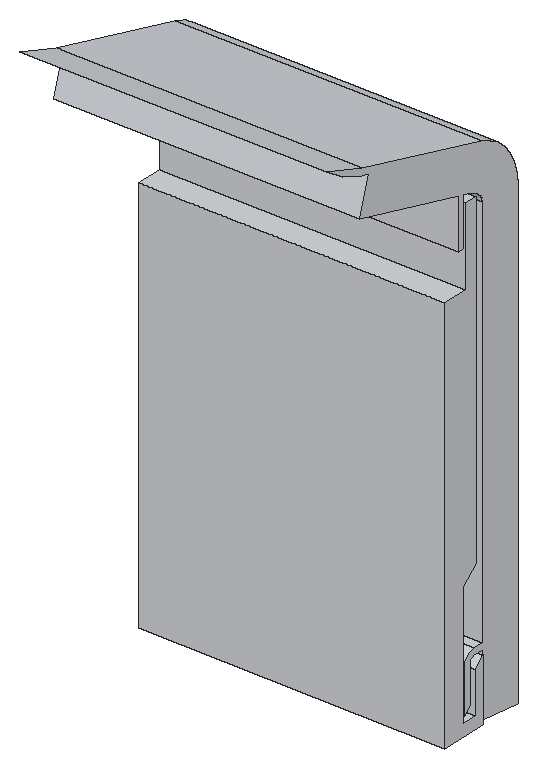
Revit family "HansWeitzel_2038", category Allgemeines Modell, Revit 2017
Family settings
  Basisbauteil = Wand
  Kann Basisbauteil für Bewehrung sein = Nein
  Bemaßung runder Anschluss = Durchmesser verwenden
  Teiletyp = Normal
  Immer vertikal = Ja
  Beim Laden mit Abzugskörper schneiden = Nein
  Gemeinsam genutzt = Nein
  Raumberechnungspunkt = Nein
Parameters (values of type "Type 1")
  max. Betriebstemperatur (°C) = 90
  Werkstoff = "Acryl"
  Wandmontage möglich = yes
  Typname = "HZ-Stoßverbinder SLF Buche dunkel"
  Tiefe (mm) = 30
  Profilart = "Anschlussprofi"
  Menge pro Verpackungseinheit = 10
  Length3 = 50 mm
  Length2 = 50 mm
  Length1 = 50 mm
  Ist Zubehör = no
  Ist System = no
  Höhe [mm] = 97
  Hersteller = "Hans Weitzel GmbH & Co. KG"
  HeinzeBIM = "https://www.heinze.de/bim/hz-stossverbinder-slf-buche-dunkel/413a913b2037ab60e957ac03be6171f74f8c57b7"
  HAN = "2038"
  Gewicht unverpackt (netto) [kg] = 0.008
  GTIN = "4022023220018"
  Farbton = "Holzart/Holzdekor"
  Dekor = "Buche dunkel"
  Breite [mm] = 45
  Beschreibung = "HZ-Stoßverbinder SLF Buche dunkel für HZ-Sockelleiste SLF nur mit SCH2158"
  BIMSITE_PRODUCT_ID = "413a913b2037ab60e957ac03be6171f74f8c57b7"
  BIM = "https://media.live.bim.site/t/eyJhbGciOiJIUzI1NiIsInR5cCI6IkpXVCJ9.eyJjdCI6MSwidGYiOiJwdWJsaWMvaGFucy13ZWl0emVsLWdtYmgtY28ta2cvMjI1MGEyZS9IWl9TTEZfU3Rvc3N2ZXJiaW5kZXIucmZhIiwiY2lkIjoiZmVkOThlOWEtMWJkOC00YzY4LWE3M2ItNzRhOTRlMzE1ODIzIiwicmlkIjoiNWJhNGQ1ZTNkMDkwNWRjOWY1MGI1N2M0NTg3OGFlYzUiLCJwaWQiOiI0MTNhOTEzYjIwMzdhYjYwZTk1N2FjMDNiZTYxNzFmNzRmOGM1N2I3Iiwic2lkIjoiNjM1NTgiLCJ1dCI6NSwibGMiOiJkZSIsImlhdCI6MTU4MDEyMjc4NCwiaXNzIjoiaHR0cHM6Ly9hcGkubGl2ZS5iaW0uc2l0ZSIsInN1YiI6ImY1ODZjNGI2LWE1MDgtNDI3YS05ODE4LTEzMTc5NjY1NzZiYyJ9.x5RarMUikGoMKcNB9pf6pFBoAYNQBQW4gbJQkijH894/HZ_SLF_Stossverbinder.rfa"
Reference planes
  plane 1 "Wall": y = 0
  plane 2 "Center (Left/Right)": x = 125
  plane 3 "Back": y = 75
Text (mm)
  text "Placement side" at (0, 1409.804, 2854.306), in view "Left"
  text "Placement side" at (0, 499.811, 2980.732), in view "Right"
Dimensions and locks
  locked: plane 3 "Back" to host wall
  aligned and locked: plane 1 "Wall" to host wall
  aligned and locked: nested 1 to plane 3 "Back"
  aligned and locked: nested 2 to plane 3 "Back"
  aligned and locked: nested 2 to plane 2 "Center (Left/Right)"
  aligned and locked: nested 1 to plane 2 "Center (Left/Right)"
Nested families
  nested 1: "HZ_SLF_Part2" at (125, 75, 0) x (-1, 0, 0) z (0, 0, 1), type "HZ_SLF_Part2"
    with Length2 50 mm
  nested 2: "HZ_SLF_Profil" at (125, 75, 0) x (-1, 0, 0) z (0, 0, 1), type "HZ_SLF_Profil"
Definition of nested family "HZ_SLF_Part2"
  Parameters
    Length2 = 400 mm
  Reference planes
    plane 1 "Center (Front/Back)": y = 0
    plane 2: z = 0
    plane 3 "Center (Left/Right)": x = 0
    plane 4: z = 78
  Forms (mm)
    Extrusion 1, solid, detail levels fine
      sketch origin (0, 0, 0) x (0, 1, 0) y (0, 0, 1)
        loop
          line (-28, 65.25) -> (-28, 78) -> (-30, 78) -> (-30, 24.25) -> (-27.5, 22) -> (-27.5, 2) -> (-30, 2) -> (-30, 8.75) -> (-31.5, 10.25) -> (-31.5, 0) -> (-23.75, 0) -> (-23.75, 65.25) -> (-28, 65.25)
      from -200 to 200
    Extrusion 2, solid, detail levels medium
      sketch origin (0, 0, 0) x (0, 1, 0) y (0, 0, 1)
        loop
          line (-28, 65.25) -> (-28, 78) -> (-30, 78) -> (-30, 22) -> (-27.5, 22) -> (-27.5, 2) -> (-30, 2) -> (-30, 8.75) -> (-31.5, 8.75) -> (-31.5, 0) -> (-23.75, 0) -> (-23.75, 65.25) -> (-28, 65.25)
      from -200 to 200
    Extrusion 3, solid, detail levels coarse
      sketch origin (0, 0, 0) x (0, 1, 0) y (0, 0, 1)
        loop
          line (-31.5, 78) -> (-31.5, 0) -> (-23.75, 0) -> (-23.75, 78) -> (-31.5, 78)
      from -200 to 200
  Dimensions and locks
    equal spacing: Extrusion 1, plane 3 "Center (Left/Right)", Extrusion 1
    "Length2": Extrusion 1 to Extrusion 1
    aligned and locked: level to plane 2
    aligned and locked: Extrusion 3 to Extrusion 1  (x2)
    aligned and locked: Extrusion 2 to Extrusion 3  (x2)
  Automatic sketch dimensions
    Extrusion 1 sketch curve to level = 0 mm
    level to Extrusion 1 sketch curve = 10.25 mm
    plane 1 "Center (Front/Back)" to Extrusion 1 sketch curve = 31.5 mm
    Extrusion 1 sketch curve to Extrusion 1 sketch curve = 1.5 mm  (x2)
    level to Extrusion 1 sketch curve = 8.75 mm
    Extrusion 1 sketch curve to Extrusion 1 sketch curve = 2 mm
    Extrusion 1 sketch curve to Extrusion 1 sketch curve = 2.5 mm
    Extrusion 1 sketch curve to Extrusion 1 sketch curve = 4.25 mm
    level to Extrusion 1 sketch curve = 2 mm
    Extrusion 1 sketch curve to Extrusion 1 sketch curve = 11.75 mm
    Extrusion 1 sketch curve to Extrusion 1 sketch curve = 2.25 mm
    Extrusion 1 sketch curve to Extrusion 1 sketch curve = 41 mm
    Extrusion 1 sketch curve to Extrusion 1 sketch curve = 12.75 mm
    Extrusion 2 sketch curve to level = 0 mm
    plane 1 "Center (Front/Back)" to Extrusion 2 sketch curve = 31.5 mm
    Extrusion 2 sketch curve to Extrusion 2 sketch curve = 1.5 mm
    Extrusion 2 sketch curve to Extrusion 2 sketch curve = 2 mm
    Extrusion 2 sketch curve to Extrusion 2 sketch curve = 4.25 mm
    level to Extrusion 2 sketch curve = 2 mm
    Extrusion 2 sketch curve to Extrusion 2 sketch curve = 12.75 mm
    Extrusion 2 sketch curve to Extrusion 2 sketch curve = 2.5 mm
    Extrusion 2 sketch curve to Extrusion 2 sketch curve = 43.25 mm
    Extrusion 2 sketch curve to Extrusion 2 sketch curve = 0 mm
    Extrusion 2 sketch curve to Extrusion 2 sketch curve = 6.75 mm
    Extrusion 2 sketch curve to Extrusion 2 sketch curve = 13.25 mm
    Extrusion 3 sketch curve to level = 0 mm
    Extrusion 3 sketch curve to Extrusion 3 sketch curve = 7.75 mm
    plane 1 "Center (Front/Back)" to Extrusion 3 sketch curve = 31.5 mm
    level to Extrusion 3 sketch curve = 78 mm
Definition of nested family "HZ_SLF_Profil"
  Parameters
    Length3 = 50 mm
  Reference planes
    plane 1 "Center (Front/Back)": y = 0
    plane 2: z = 0
    plane 3 "Center (Left/Right)": x = 0
    plane 4: z = 95
  Forms (mm)
    Extrusion 1, solid, detail levels fine
      sketch origin (0, 0, 0) x (0, 1, 0) y (0, 0, 1)
        loop
          line (-38.561, 76.002) -> (-38.561, 0) -> (-31.5, 0.791) -> (-31.5, 11) -> (-29.75, 11)
          arc (-29.75, 11) -> (-29.043, 10.707) -> (-28.75, 10) r 1
          line (-28.75, 10) -> (-28.75, 4) -> (-27.75, 3) -> (-27.75, 10)
          arc (-27.75, 10) -> (-28.336, 11.414) -> (-29.75, 12) r 2
          line (-29.75, 12) -> (-31.5, 12) -> (-31.5, 76.545)
          arc (-31.5, 76.545) -> (-30.751, 77.994) -> (-29.355, 78.837) r 3
          line (-29.355, 78.837) -> (-27.5, 79.347) -> (-27.5, 71.5) -> (-26.5, 71.5) -> (-26.5, 79.621) -> (-6.471, 85.123) -> (-8.262, 90.853) -> (-6.8, 91.255)
          arc (-6.8, 91.255) -> (-2.978, 92.748) -> (0.452, 95) r 19.703
          arc (0.452, 95) -> (-3.246, 93.447) -> (-7.065, 92.219) r 46.507
          line (-7.065, 92.219) -> (-31.209, 85.587)
          arc (-31.209, 85.587) -> (-36.496, 82.03) -> (-38.561, 76.002) r 10
      from -25 to 25
    Extrusion 2, solid, detail levels medium
      sketch origin (0, 0, 0) x (0, 1, 0) y (0, 0, 1)
        loop
          line (-7.065, 92.219) -> (-31.209, 85.587)
          arc (-31.209, 85.587) -> (-36.496, 82.03) -> (-38.561, 76.002) r 10
          line (-38.561, 76.002) -> (-38.561, 0) -> (-31.5, 0.791) -> (-31.5, 11) -> (-28.75, 11) -> (-28.75, 3) -> (-27.75, 3) -> (-27.75, 12) -> (-31.5, 12) -> (-31.5, 76.545)
          arc (-31.5, 76.545) -> (-30.751, 77.994) -> (-29.355, 78.837) r 3
          line (-29.355, 78.837) -> (-27.5, 79.347) -> (-27.5, 71.5) -> (-26.5, 71.5) -> (-26.5, 79.621) -> (-6.471, 85.123) -> (0.452, 95)
          arc (0.452, 95) -> (-3.246, 93.447) -> (-7.065, 92.219) r 46.507
      from -25 to 25
    Extrusion 3, solid, detail levels coarse
      sketch origin (0, 0, 0) x (0, 1, 0) y (0, 0, 1)
        loop
          line (-38.561, 0) -> (0.452, 0) -> (0.452, 95) -> (-38.561, 95) -> (-38.561, 0)
      from -25 to 25
  Dimensions and locks
    equal spacing: Extrusion 3, plane 3 "Center (Left/Right)", Extrusion 3
    "Length3": Extrusion 3 to Extrusion 3
    aligned and locked: level to plane 2
    aligned and locked: Extrusion 1 to Extrusion 3
    aligned and locked: Extrusion 2 to Extrusion 3
    aligned and locked: Extrusion 3 to Extrusion 1
    aligned and locked: Extrusion 3 to Extrusion 2
  Automatic sketch dimensions
    plane 1 "Center (Front/Back)" to Extrusion 3 sketch curve = 38.561 mm
    Extrusion 3 sketch curve to plane 1 "Center (Front/Back)" = 0.452 mm
    Extrusion 3 sketch curve to level = 0 mm
    level to Extrusion 3 sketch curve = 95 mm
    Extrusion 2 sketch curve to Extrusion 2 sketch curve = 0 mm  (x2)
    Extrusion 2 sketch curve to level = 0 mm
    Extrusion 2 sketch curve to plane 4 = 0 mm
    plane 1 "Center (Front/Back)" to Extrusion 2 sketch curve = 38.561 mm
    level to Extrusion 2 sketch curve = 0.791 mm
    Extrusion 2 sketch curve to Extrusion 2 sketch curve = 7.061 mm  (x2)
    Extrusion 2 sketch curve to plane 4 = 9.413 mm
    Extrusion 2 sketch curve to Extrusion 2 sketch curve = 0.291 mm
    Extrusion 2 sketch curve to plane 4 = 16.163 mm
    Extrusion 2 sketch curve to Extrusion 2 sketch curve = 2.145 mm
    Extrusion 2 sketch curve to Extrusion 2 sketch curve = 2.75 mm
    Extrusion 2 sketch curve to Extrusion 2 sketch curve = 2.939 mm
    Extrusion 2 sketch curve to Extrusion 2 sketch curve = 1 mm  (x3)
    Extrusion 2 sketch curve to Extrusion 2 sketch curve = 1.061 mm
    plane 1 "Center (Front/Back)" to Extrusion 2 sketch curve = 19.383 mm
    plane 1 "Center (Front/Back)" to Extrusion 2 sketch curve = 7.065 mm
    plane 1 "Center (Front/Back)" to Extrusion 2 sketch curve = 6.471 mm
    level to Extrusion 2 sketch curve = 3 mm
    Extrusion 2 sketch curve to Extrusion 2 sketch curve = 8 mm
    Extrusion 2 sketch curve to Extrusion 2 sketch curve = 7.337 mm
    Extrusion 2 sketch curve to Extrusion 2 sketch curve = 2.893 mm
    Extrusion 2 sketch curve to Extrusion 2 sketch curve = 0.51 mm
    Extrusion 2 sketch curve to Extrusion 2 sketch curve = 0.275 mm
    Extrusion 2 sketch curve to plane 4 = 9.877 mm
    Extrusion 2 sketch curve to plane 4 = 2.781 mm
    plane 4 to Extrusion 2 sketch curve = 42.065 mm
    Extrusion 1 sketch curve to Extrusion 1 sketch curve = 0 mm  (x5)
    Extrusion 1 sketch curve to level = 0 mm
    Extrusion 1 sketch curve to plane 4 = 0 mm
    plane 1 "Center (Front/Back)" to Extrusion 1 sketch curve = 38.561 mm
    level to Extrusion 1 sketch curve = 0.791 mm
    Extrusion 1 sketch curve to Extrusion 1 sketch curve = 7.061 mm
    Extrusion 1 sketch curve to plane 4 = 9.413 mm
    Extrusion 1 sketch curve to Extrusion 1 sketch curve = 0.291 mm
    Extrusion 1 sketch curve to Extrusion 1 sketch curve = 1.75 mm
    Extrusion 1 sketch curve to plane 4 = 16.163 mm
    Extrusion 1 sketch curve to Extrusion 1 sketch curve = 2.145 mm
    level to Extrusion 1 sketch curve = 4 mm
    Extrusion 1 sketch curve to Extrusion 1 sketch curve = 2.75 mm
    Extrusion 1 sketch curve to Extrusion 1 sketch curve = 2.939 mm
    Extrusion 1 sketch curve to Extrusion 1 sketch curve = 1 mm  (x3)
    Extrusion 1 sketch curve to Extrusion 1 sketch curve = 1.855 mm
    plane 1 "Center (Front/Back)" to Extrusion 1 sketch curve = 19.383 mm
    plane 1 "Center (Front/Back)" to Extrusion 1 sketch curve = 12.019 mm
    plane 1 "Center (Front/Back)" to Extrusion 1 sketch curve = 8.262 mm
    Extrusion 1 sketch curve to Extrusion 1 sketch curve = 1.197 mm
    Extrusion 1 sketch curve to Extrusion 1 sketch curve = 1.791 mm
    Extrusion 1 sketch curve to Extrusion 1 sketch curve = 6 mm
    Extrusion 1 sketch curve to Extrusion 1 sketch curve = 7.337 mm
    Extrusion 1 sketch curve to Extrusion 1 sketch curve = 2.893 mm
    Extrusion 1 sketch curve to Extrusion 1 sketch curve = 0.51 mm
    Extrusion 1 sketch curve to Extrusion 1 sketch curve = 0.275 mm
    Extrusion 1 sketch curve to plane 4 = 9.877 mm
    Extrusion 1 sketch curve to plane 4 = 4.147 mm
    Extrusion 1 sketch curve to Extrusion 1 sketch curve = 1.366 mm
    plane 4 to Extrusion 1 sketch curve = 15.254 mm
    Extrusion 1 sketch curve to Extrusion 1 sketch curve = 26.811 mm
    Extrusion 1 sketch curve to Extrusion 1 sketch curve = 0.265 mm
